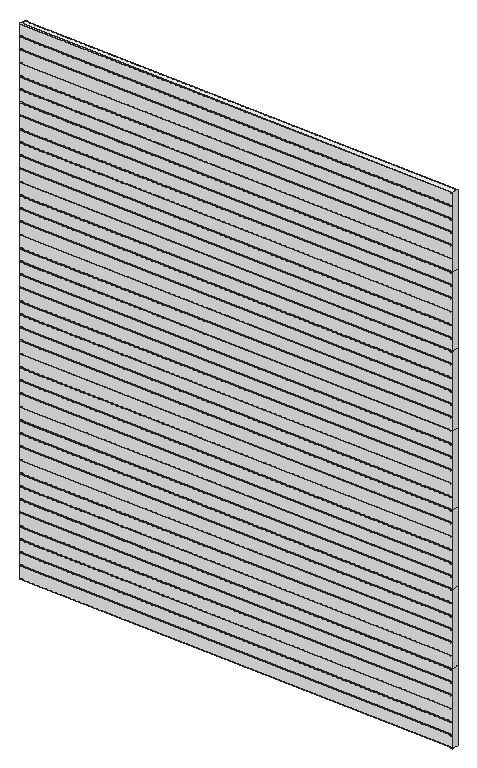
Revit family
Parameters (values of type "By Type")
  Windload = "Doors available rated for various design pressures; consult Clopay for avaialbility and specifications"
  VisSection6 = NumSections = 6  # no
  VisSection5 = NumSections > 4  # yes
  VisSection4 = NumSections > 3  # yes
  VisSection3 = NumSections > 2  # yes
  VisArray = NumSections > 6  # yes
  URL = "www.clopaydoor.com"
  Track = "Galvanized steel (gauge varies according to door size)"
  Thickness = 0' - 2"  # constant formula
  Spec Wizard = "http://www.arcat.com/specwizard/08360clo/index.htm"
  Section Height = Height / NumSections  # 2' - 0"
  Sales Information = "http://www.clopaydoor.com/where-to-buy.aspx?type=dealer"
  Rough Width = 0' - 0"  # constant formula
  Rough Height = 0' - 0"  # constant formula
  R-Value = "17.2"
  Product Features and Benefits = "http://www.clopaydoor.com/insulated-polyurethane-applications.aspx"
  Overlapping Jamb = yes
  Overlap = if(Overlapping Jamb, 0' 1", 0' 0")  # 0' - 1"
  Opening Width = 12' - 0"
  Opening Height = 14' - 0"
  Omniclass Table = "23-30 10 17 37 "
  NumSectionsNotRounded = Height / 2' 0"  # 7
  NumSections = NumSectionsNotRounded + 0.4999  # 7
  NumArraySections = if(NumSections > 6, NumSections - 5, 2)  # 2
  Model = "3724"
  Maximum Size = "Maximum 32' 2'' wide by 26' 0'' high. Additional limitations may apply do to door weight. Consult Clopay for specificiations and shop drawings."  # constant formula
  Manufacturer Website = "http://www.clopaydoor.com"
  Manufacturer Phone Number = "1-800-526-4301"
  Manufacturer Address = "1400 W. Market St., Troy, OH 45373"
  Manufacturer = "Clopay Building Products Company"
  LEED = "http://products.construction.com/swts_content_files/151607/303186.pdf"
  Keynote = "08 36 13"
  Interior Steel = "28 ga. galvanized, primed, and finish painted"
  Hardware = "14 ga. min. steel hinges; 10-ball steel rollers"
  GreenFormat = "http://www.greenformat.com/products/1536-Polyurethane%20Insulated%20Doors.rtf"
  Function = (empty or 0)
  Height = Opening Height + Rough Width * 0  # 14' - 0"
  Wall Closure = (empty or 0)
  Width = Opening Width + Rough Width * 0  # 12' - 0"
  FloorToSection7 = 6 * Section Height  # 12' - 0"
  FloorToSection6 = 5 * Section Height  # 10' - 0"
  FloorToSection5 = 4 * Section Height  # 8' - 0"
  FloorToSection4 = 3 * Section Height  # 6' - 0"
  FloorToSection3 = 2 * Section Height  # 4' - 0"
  FloorToSection2 = Section Height  # 2' - 0"
  File Revision = "00 (March, 2013)"
  Exterior Steel = "24 ga. galvanized, primed, and finish painted"
  Double End Stiles = Door Width > 14' 2"  # no
  Door Width = Opening Width + Overlap * 2  # 12' - 2"
  Door Height = Opening Height + Rough Width * 0  # 14' - 0"
  Description = "2'' thick polyurethane insulated, stucco embossed 24 gauge steel exterior with light ribbed pattern."
  Core Material = "Expanded polyurethane"
  Copyright = "2013, Clopay Building Products Company, Inc."
  Color = White
  CAD and Specifications = "http://www.clopaydoor.com/insulated-polyurethane-specs.aspx"
  Assembly Code = "B2030410"
Reference planes (in)
  plane 1 "Center (Front/Back)": y = 0
  plane 2 "Center (Left/Right)": x = 0
  plane 3 "Left": x = -72
  plane 4 "Right": x = 72
  plane 5 "Top": z = 168
  plane 6 "Exterior": y = 3
  plane 7 "Interior": y = -3
  plane 8: z = 120
  plane 9: z = 144
Lines and regions (in)
  Opening 1
    outline origin (-90, -3, 0) x (1, 0, 0) y (0, 0, 1)
      loop
        line (18, 0) -> (162, 0) -> (162, 168) -> (18, 168) -> (18, 0)
Text (in)
  text "Exterior" at (-74.96733, 27.31104, 0), in view "Ref. Level"
  text "Interior" at (-74.96733, -25.14366, 0), in view "Ref. Level"
  text "Exterior" at (0, 40.15149, 123.01588), in view "Right"
  text "Interior" at (0, -64.39139, 123.01588), in view "Right"
  text "Interior" at (0, -31.01599, 123.00693), in view "Left"
  text "Exterior" at (0, 54.57065, 123.00693), in view "Left"
Dimensions and locks (in)
  equal spacing: plane 3 "Left", plane 2 "Center (Left/Right)", plane 4 "Right"
  "Height": level to plane 5 "Top"
  "Width": plane 3 "Left" to plane 4 "Right"
  host wall to plane 5 "Top" = 14' - 0"
  nested 1 to plane 7 "Interior" = 0' - 0 1/2"
  "FloorToSection6": plane 8 to level
  "FloorToSection7": plane 9 to level
  group 1 to group 2 = 0' - 0"  (x2)
  group 1 to group 2 = 2' - 0"
  host wall to host wall = 67' - 6"
  aligned and locked: plane 3 "Left" to Opening 1 sketch curve
  aligned and locked: plane 5 "Top" to Opening 1 sketch curve  (x2)
  aligned and locked: Opening 1 sketch curve to plane 4 "Right"
  aligned and locked: Opening 1 sketch curve to level
  aligned and locked: plane 6 "Exterior" to host wall
  aligned and locked: host wall to plane 7 "Interior"
  aligned and locked: plane 2 "Center (Left/Right)" to nested 2
  aligned and locked: plane 2 "Center (Left/Right)" to nested 3
  aligned and locked: plane 2 "Center (Left/Right)" to nested 4
  aligned and locked: plane 2 "Center (Left/Right)" to nested 5
  aligned and locked: plane 2 "Center (Left/Right)" to nested 7
  aligned and locked: nested 7 to plane 8
  aligned and locked: nested 8 to plane 9
  aligned and locked: plane 7 "Interior" to nested 2
  aligned and locked: plane 7 "Interior" to nested 7
  aligned and locked: host wall to nested 8
  aligned and locked: plane 7 "Interior" to nested 3
  aligned and locked: host wall to nested 3
  aligned and locked: plane 7 "Interior" to nested 1
  aligned and locked: nested 2 to host wall
  aligned and locked: plane 7 "Interior" to nested 6
  aligned and locked: plane 7 "Interior" to nested 5
  aligned and locked: host wall to nested 7
  aligned and locked: plane 7 "Interior" to nested 4
Nested families (in)
  nested 1: "Section" at (0, 0, 0), type "Solid"
  nested 2: "Section" at (0, 0, 24), built-in parameter 1001364 <- "Section Height", type "Solid"
  nested 3: "Section" at (0, 0, 48), built-in parameter 1001364 <- "FloorToSection3", visible <- "VisSection3", type "Solid"
  nested 4: "Section" at (0, 0, 120), built-in parameter 1001364 <- "FloorToSection6", visible <- "VisSection6", type "Solid"
  nested 5: "Section" at (0, 0, 96), built-in parameter 1001364 <- "FloorToSection5", visible <- "VisSection5", type "Solid"
  nested 6: "Section" at (0, 0, 72), built-in parameter 1001364 <- "FloorToSection4", visible <- "VisSection4", type "Solid"
  nested 7: "Section" at (0, 0, 120), visible <- "VisArray", type "Solid"
  nested 8: "Section" at (0, 0, 144), visible <- "VisArray", type "Solid"
Definition of nested family "Section"
  Parameters (values of type "Solid")
    X9 = if(if(NumArrayedWindows < NumWindows, NumArrayedWindows + 1, NumWindows) < 9, X1, X8 + 3' 8")  # 1' - 5 1/2"
    X8 = if(if(NumArrayedWindows < NumWindows, NumArrayedWindows + 1, NumWindows) < 8, X1, X7 + 3' 8")  # 1' - 5 1/2"
    X7 = if(if(NumArrayedWindows < NumWindows, NumArrayedWindows + 1, NumWindows) < 7, X1, X6 + 3' 8")  # 1' - 5 1/2"
    X6 = if(if(NumArrayedWindows < NumWindows, NumArrayedWindows + 1, NumWindows) < 6, X1, X5 + 3' 8")  # 1' - 5 1/2"
    X5 = if(if(NumArrayedWindows < NumWindows, NumArrayedWindows + 1, NumWindows) < 5, X1, X4 + 3' 8")  # 1' - 5 1/2"
    X4 = if(if(NumArrayedWindows < NumWindows, NumArrayedWindows + 1, NumWindows) < 4, X1, X3 + 3' 8")  # 1' - 5 1/2"
    X3 = if(NumWindows < 3, X1, X2 + 3' 8")  # 8' - 9 1/2"
    X2 = if(NumWindows < 2, ((Door Width - (NumWindows - 1) * 3' 8") / 2 - Cutout Width / 2), ((Door Width - (NumWindows - 1) * 3' 8") / 2 - Cutout Width / 2) + 3' 8")  # 5' - 1 1/2"
    WindowVis = no
    WindowCutDepth = -0' - 0 13/128"
    Section Height = 2' - 0"
    RibSpacing = Section Height / (NumRibs + 1)  # 0' - 4"
    NumWindows = if(Door Width < 9' 4", 2, if(Door Width < 13' 4", 3, if(Door Width < 16' 4", 4, if(Door Width < 20' 4", 5, if(Door Width < 24' 4", 6, if(Door Width < 26' 4", 7, if(Door Width < 31' 8", 8, 10)))))))  # 3
    NumRibs = if(Section Height < 1' 9", 3, if(Section Height < 2' 0", 4, 5))  # 5
    NumArrayedWindows = if(X2 = X1, NumWindows - 2, NumWindows)  # 3
    Half Section Height = Section Height / 2  # 1' - 0"
    Half Door Width Neg = -Half Door Width  # -6' - 1"
    Half Door Width = Door Width / 2  # 6' - 1"
    Half Cutout Height = Cutout Height / 2  # 0' - 3 1/2"
    Function = (empty or 0)
    Height = 0' - 0"
    Wall Closure = (empty or 0)
    Width = 0' - 0"
    X1 = if(or(Door Width > 31' 6", and(Door Width > 26' 2", Door Width < 28' 1"), Door Width = 24' 3", Door Width = 24' 4", and(Door Width > 20' 2", Door Width < 20' 11"), and(Door Width > 16' 2", Door Width < 17' 3")), X2, (Door Width - (NumWindows - 1) * 3' 8") / 2 - Cutout Width / 2)  # 1' - 5 1/2"
    Door Width = 12' - 2"
    CutoutToCutout = 1' - 0"
    Cutout Width = 1' - 11"
    Cutout Height = 0' - 7"
    Color = White
    BtmTo1stRib = RibSpacing  # 0' - 4"
    Assembly Code = ""
  Reference planes (in)
    plane 1 "Center (Front/Back)": y = 0
    plane 2 "Center (Left/Right)": x = 0
    plane 3 "Exterior": y = 3
    plane 4 "Interior": y = -3
    plane 5: y = -3.5
    plane 6: x = 73
    plane 7: x = -73
    plane 8: z = 4
    plane 9: z = 8
    plane 10: z = 24
    plane 11: z = 12
    plane 12: z = 0
  Forms (in)
    Extrusion 1, solid, material "White" <- "Color"
      sketch origin (-73, -12, 83.08252) x (0, 0, 1) y (0, -1, 0)
        loop
          line (-59.08252, -8.37573) -> (-59.08252, -6.62444)
          arc (-59.08252, -6.62444) -> (-59.11897, -6.53645) -> (-59.20696, -6.5) r 0.12444
          line (-59.20696, -6.5) -> (-82.95809, -6.5)
          arc (-82.95809, -6.5) -> (-83.04608, -6.53645) -> (-83.08252, -6.62444) r 0.12444
          line (-83.08252, -6.62444) -> (-83.08252, -8.37573)
          arc (-83.08252, -8.37573) -> (-83.04612, -8.4636) -> (-82.95825, -8.5) r 0.12427
          line (-82.95825, -8.5) -> (-59.20679, -8.5)
          arc (-59.20679, -8.5) -> (-59.11892, -8.4636) -> (-59.08252, -8.37573) r 0.12427
      from 0 to 146 <- "Door Width"
    Extrusion 2, void
      sketch origin (0, 0, -0.5) x (0, -1, 0) y (0, 0, 1)
        loop
          line (3.5, 4.62727) -> (3.5, 4.37273) -> (3.53032, 4.41942)
          arc (3.53032, 4.41942) -> (3.53753, 4.43506) -> (3.54, 4.4521) r 0.06
          line (3.54, 4.4521) -> (3.54, 4.5479)
          arc (3.54, 4.5479) -> (3.53753, 4.56494) -> (3.53032, 4.58058) r 0.06
          line (3.53032, 4.58058) -> (3.5, 4.62727)
      from -73 <- "Half Door Width Neg" to 146 <- "Door Width"
    Extrusion 3, void
      sketch origin (0, 0, 3.5) x (0, -1, 0) y (0, 0, 1)
        loop
          line (3.5, 4.62727) -> (3.5, 4.37273) -> (3.53032, 4.41942)
          arc (3.53032, 4.41942) -> (3.53753, 4.43506) -> (3.54, 4.4521) r 0.06
          line (3.54, 4.4521) -> (3.54, 4.5479)
          arc (3.54, 4.5479) -> (3.53753, 4.56494) -> (3.53032, 4.58058) r 0.06
          line (3.53032, 4.58058) -> (3.5, 4.62727)
      from -73 <- "Half Door Width Neg" to 146 <- "Door Width"
    Extrusion 4, void
      sketch origin (0, 0, 7.5) x (0, -1, 0) y (0, 0, 1)
        loop
          line (3.5, 4.62727) -> (3.5, 4.37273) -> (3.53032, 4.41942)
          arc (3.53032, 4.41942) -> (3.53753, 4.43506) -> (3.54, 4.4521) r 0.06
          line (3.54, 4.4521) -> (3.54, 4.5479)
          arc (3.54, 4.5479) -> (3.53753, 4.56494) -> (3.53032, 4.58058) r 0.06
          line (3.53032, 4.58058) -> (3.5, 4.62727)
      from -73 <- "Half Door Width Neg" to 146 <- "Door Width"
    Extrusion 5, void
      sketch origin (0, -8.99984, -0.5) x (0, 1, 0) y (0, 0, -1)
        loop
          line (3.5, -4.62727) -> (3.53032, -4.58058)
          arc (3.53032, -4.58058) -> (3.53753, -4.56494) -> (3.54, -4.5479) r 0.06
          line (3.54, -4.5479) -> (3.54, -4.4521)
          arc (3.54, -4.4521) -> (3.53753, -4.43506) -> (3.53032, -4.41942) r 0.06
          line (3.53032, -4.41942) -> (3.5, -4.37273) -> (3.5, -4.62727)
      from -73 <- "Half Door Width Neg" to 146 <- "Door Width"
    Extrusion 6, void
      sketch origin (0, -8.99984, 3.5) x (0, 1, 0) y (0, 0, -1)
        loop
          line (3.5, -4.62727) -> (3.53032, -4.58058)
          arc (3.53032, -4.58058) -> (3.53753, -4.56494) -> (3.54, -4.5479) r 0.06
          line (3.54, -4.5479) -> (3.54, -4.4521)
          arc (3.54, -4.4521) -> (3.53753, -4.43506) -> (3.53032, -4.41942) r 0.06
          line (3.53032, -4.41942) -> (3.5, -4.37273) -> (3.5, -4.62727)
      from -73 <- "Half Door Width Neg" to 146 <- "Door Width"
    Extrusion 7, void
      sketch origin (0, -8.99984, 7.5) x (0, 1, 0) y (0, 0, -1)
        loop
          line (3.5, -4.62727) -> (3.53032, -4.58058)
          arc (3.53032, -4.58058) -> (3.53753, -4.56494) -> (3.54, -4.5479) r 0.06
          line (3.54, -4.5479) -> (3.54, -4.4521)
          arc (3.54, -4.4521) -> (3.53753, -4.43506) -> (3.53032, -4.41942) r 0.06
          line (3.53032, -4.41942) -> (3.5, -4.37273) -> (3.5, -4.62727)
      from -73 <- "Half Door Width Neg" to 146 <- "Door Width"
    Extrusion 8, void
      sketch origin (0, 0, 11.5) x (0, -1, 0) y (0, 0, 1)
        loop
          line (3.5, 4.62727) -> (3.5, 4.37273) -> (3.53032, 4.41942)
          arc (3.53032, 4.41942) -> (3.53753, 4.43506) -> (3.54, 4.4521) r 0.06
          line (3.54, 4.4521) -> (3.54, 4.5479)
          arc (3.54, 4.5479) -> (3.53753, 4.56494) -> (3.53032, 4.58058) r 0.06
          line (3.53032, 4.58058) -> (3.5, 4.62727)
      from -73 <- "Half Door Width Neg" to 146 <- "Door Width"
    Extrusion 9, void
      sketch origin (0, -8.99984, 11.5) x (0, 1, 0) y (0, 0, -1)
        loop
          line (3.5, -4.62727) -> (3.53032, -4.58058)
          arc (3.53032, -4.58058) -> (3.53753, -4.56494) -> (3.54, -4.5479) r 0.06
          line (3.54, -4.5479) -> (3.54, -4.4521)
          arc (3.54, -4.4521) -> (3.53753, -4.43506) -> (3.53032, -4.41942) r 0.06
          line (3.53032, -4.41942) -> (3.5, -4.37273) -> (3.5, -4.62727)
      from -73 <- "Half Door Width Neg" to 146 <- "Door Width"
    Extrusion 10, void
      sketch origin (0, 0, 15.5) x (0, -1, 0) y (0, 0, 1)
        loop
          line (3.5, 4.62727) -> (3.5, 4.37273) -> (3.53032, 4.41942)
          arc (3.53032, 4.41942) -> (3.53753, 4.43506) -> (3.54, 4.4521) r 0.06
          line (3.54, 4.4521) -> (3.54, 4.5479)
          arc (3.54, 4.5479) -> (3.53753, 4.56494) -> (3.53032, 4.58058) r 0.06
          line (3.53032, 4.58058) -> (3.5, 4.62727)
      from -73 <- "Half Door Width Neg" to 146 <- "Door Width"
    Extrusion 11, void
      sketch origin (0, -8.99984, 15.5) x (0, 1, 0) y (0, 0, -1)
        loop
          line (3.5, -4.62727) -> (3.53032, -4.58058)
          arc (3.53032, -4.58058) -> (3.53753, -4.56494) -> (3.54, -4.5479) r 0.06
          line (3.54, -4.5479) -> (3.54, -4.4521)
          arc (3.54, -4.4521) -> (3.53753, -4.43506) -> (3.53032, -4.41942) r 0.06
          line (3.53032, -4.41942) -> (3.5, -4.37273) -> (3.5, -4.62727)
      from -73 <- "Half Door Width Neg" to 146 <- "Door Width"
  Cuts and joins
    Extrusion 2, Extrusion 3, Extrusion 4, Extrusion 5, Extrusion 6, Extrusion 7, Extrusion 8, Extrusion 9, Extrusion 10, Extrusion 11 cuts Extrusion 1
  Lines and regions (in)
    reference lines
      curve 1: line (-72, -3.54, 4) -> (-72, -3.5, 4)
      curve 2: line (-72, -5.45984, 4) -> (-72, -5.49984, 4)
      curve 3: line (-72, -3.54, 8) -> (-72, -3.5, 8)
      curve 4: line (-72, -3.54, 12) -> (-72, -3.5, 12)
      curve 5: line (-72, -5.45984, 4) -> (-72, -5.49984, 4)
      curve 6: line (-72, -5.45984, 8) -> (-72, -5.49984, 8)
      curve 7: line (-72, -5.45984, 12) -> (-72, -5.49984, 12)
      curve 8: line (-72, -3.54, 16) -> (-72, -3.5, 16)
      curve 9: line (-72, -5.45984, 16) -> (-72, -5.49984, 16)
      curve 10: line (-72, -3.54, 20) -> (-72, -3.5, 20)
      curve 11: line (-72, -5.45984, 20) -> (-72, -5.49984, 20)
  Text (in)
    text "Exterior" at (-74.96733, 27.31104, 0), in view "Ref. Level"
    text "Interior" at (-74.96733, -25.14366, 0), in view "Ref. Level"
    text "Exterior" at (0, 40.15149, 123.01588), in view "Right"
    text "Interior" at (0, -64.39139, 123.01588), in view "Right"
    text "Interior" at (0, -31.01599, 123.00693), in view "Left"
    text "Exterior" at (0, 54.57065, 123.00693), in view "Left"
  Dimensions and locks (in)
    plane 4 "Interior" to plane 5 = 0' - 0 1/2"
    "Half Door Width": plane 2 "Center (Left/Right)" to plane 7
    "Half Door Width": plane 6 to plane 2 "Center (Left/Right)"
    Extrusion 1 sketch curve to Extrusion 1 sketch curve = 0' - 2"
    Extrusion 2 sketch curve to Extrusion 2 sketch curve = 0' - 0.25454"
    Extrusion 2 sketch curve to Extrusion 2 sketch curve = 0' - 0.04"  (x2)
    "BtmTo1stRib": plane 8 to level
    curve 1 to Extrusion 2 sketch curve = 0' - 0.12727"
    "RibSpacing": plane 9 to plane 8
    "Section Height": plane 10 to level
    Extrusion 3 sketch curve to Extrusion 3 sketch curve = 0' - 0.25454"
    Extrusion 3 sketch curve to Extrusion 3 sketch curve = 0' - 0.04"  (x2)
    curve 3 to Extrusion 3 sketch curve = 0' - 0.12727"
    equal spacing: group 1, group 2, group 3, group 4, group 5  (x3)
    Extrusion 4 sketch curve to Extrusion 4 sketch curve = 0' - 0.25454"
    Extrusion 4 sketch curve to Extrusion 4 sketch curve = 0' - 0.04"  (x2)
    curve 4 to Extrusion 4 sketch curve = 0' - 0.12727"
    Extrusion 5 sketch curve to Extrusion 5 sketch curve = 0' - 0.25454"
    Extrusion 5 sketch curve to Extrusion 5 sketch curve = 0' - 0.04"  (x2)
    Extrusion 5 sketch curve to curve 5 = 0' - 0.12727"
    Extrusion 6 sketch curve to Extrusion 6 sketch curve = 0' - 0.25454"
    Extrusion 6 sketch curve to Extrusion 6 sketch curve = 0' - 0.04"  (x2)
    Extrusion 6 sketch curve to curve 6 = 0' - 0.12727"
    Extrusion 7 sketch curve to Extrusion 7 sketch curve = 0' - 0.25454"
    Extrusion 7 sketch curve to Extrusion 7 sketch curve = 0' - 0.04"  (x2)
    Extrusion 7 sketch curve to curve 7 = 0' - 0.12727"
    "Half Section Height": level to plane 11
    Extrusion 8 sketch curve to Extrusion 8 sketch curve = 0' - 0.25454"
    Extrusion 8 sketch curve to Extrusion 8 sketch curve = 0' - 0.04"  (x2)
    curve 8 to Extrusion 8 sketch curve = 0' - 0.12727"
    Extrusion 9 sketch curve to Extrusion 9 sketch curve = 0' - 0.25454"
    Extrusion 9 sketch curve to Extrusion 9 sketch curve = 0' - 0.04"  (x2)
    Extrusion 9 sketch curve to curve 9 = 0' - 0.12727"
    Extrusion 10 sketch curve to Extrusion 10 sketch curve = 0' - 0.25454"
    Extrusion 10 sketch curve to Extrusion 10 sketch curve = 0' - 0.04"  (x2)
    curve 10 to Extrusion 10 sketch curve = 0' - 0.12727"
    Extrusion 11 sketch curve to Extrusion 11 sketch curve = 0' - 0.25454"
    Extrusion 11 sketch curve to Extrusion 11 sketch curve = 0' - 0.04"  (x2)
    Extrusion 11 sketch curve to curve 11 = 0' - 0.12727"
    locked: plane 4 "Interior" to cut or joined group 1 (Extrusion 1, Extrusion 2, Extrusion 3, Extrusion 4, Extrusion 5, Extrusion 6, Extrusion 7, Extrusion 8, Extrusion 9, Extrusion 10, Extrusion 11) at 0.5
    radius of Extrusion 1 sketch curve = 0' - 0.12427"  (x2)
    radius of Extrusion 1 sketch curve = 0' - 0.12444"  (x2)
    angle Extrusion 2 sketch curve to Extrusion 2 sketch curve = 147.00°  (x2)
    angle Extrusion 3 sketch curve to Extrusion 3 sketch curve = 147.00°  (x2)
    angle Extrusion 4 sketch curve to Extrusion 4 sketch curve = 147.00°  (x2)
    angle Extrusion 5 sketch curve to Extrusion 5 sketch curve = 147.00°  (x2)
    angle Extrusion 6 sketch curve to Extrusion 6 sketch curve = 147.00°  (x2)
    angle Extrusion 7 sketch curve to Extrusion 7 sketch curve = 147.00°  (x2)
    angle Extrusion 8 sketch curve to Extrusion 8 sketch curve = 147.00°  (x2)
    angle Extrusion 9 sketch curve to Extrusion 9 sketch curve = 147.00°  (x2)
    angle Extrusion 10 sketch curve to Extrusion 10 sketch curve = 147.00°  (x2)
    angle Extrusion 11 sketch curve to Extrusion 11 sketch curve = 147.00°  (x2)
    aligned and locked: Extrusion 1 sketch curve to plane 5
    aligned and locked: plane 8 to curve 1
    aligned and locked: plane 9 to curve 3
    aligned: cut or joined group 1 to cut or joined group 1  (x9)
    aligned and locked: plane 12 to level
  Automatic sketch dimensions
    curve 2 to curve 1 = 0' - 1.91984"
    curve 1 to curve 1 = 0' - 0.04"  (x2)
    curve 1 to curve 2 = 0' - 1.91984"
    curve 2 to curve 2 = 0' - 0.04"  (x2)
    Extrusion 2 sketch curve to Extrusion 2 sketch curve = 0' - 0"
    Extrusion 2 sketch curve to Extrusion 2 sketch curve = 0' - 0.02"
    Extrusion 2 sketch curve to Extrusion 2 sketch curve = 0' - 0.00968"  (x2)
    curve 5 to curve 1 = 0' - 0"
    curve 1 to curve 5 = 0' - 1.91984"
    curve 5 to curve 5 = 0' - 0.04"
    Extrusion 5 sketch curve to Extrusion 5 sketch curve = 0' - 0"
    Extrusion 5 sketch curve to Extrusion 5 sketch curve = 0' - 0.02"
    Extrusion 5 sketch curve to Extrusion 5 sketch curve = 0' - 0.00968"  (x2)
    Extrusion 3 sketch curve to Extrusion 3 sketch curve = 0' - 0"
    Extrusion 3 sketch curve to Extrusion 3 sketch curve = 0' - 0.02"
    Extrusion 3 sketch curve to Extrusion 3 sketch curve = 0' - 0.00968"  (x2)
    curve 6 to curve 3 = 0' - 0"
    curve 3 to curve 3 = 0' - 0.04"
    curve 3 to curve 6 = 0' - 1.91984"
    curve 6 to curve 6 = 0' - 0.04"
    Extrusion 4 sketch curve to Extrusion 4 sketch curve = 0' - 0"
    Extrusion 4 sketch curve to Extrusion 4 sketch curve = 0' - 0.02"
    Extrusion 4 sketch curve to Extrusion 4 sketch curve = 0' - 0.00968"  (x2)
    curve 7 to curve 4 = 0' - 0"
    curve 4 to curve 4 = 0' - 0.04"
    curve 4 to curve 7 = 0' - 1.91984"
    curve 7 to curve 7 = 0' - 0.04"
    Extrusion 7 sketch curve to Extrusion 7 sketch curve = 0' - 0.00968"
    Extrusion 6 sketch curve to Extrusion 6 sketch curve = 0' - 0.00968"
    curve 2 to plane 8 = 0' - 0"
    curve 2 to plane 5 = 0' - 1.95984"
    Extrusion 1 sketch curve to plane 10 = 0' - 0"
    Extrusion 1 sketch curve to level = 0' - 0"
    Extrusion 8 sketch curve to Extrusion 8 sketch curve = 0' - 0"
    Extrusion 8 sketch curve to Extrusion 8 sketch curve = 0' - 0.02"
    Extrusion 8 sketch curve to Extrusion 8 sketch curve = 0' - 0.00968"  (x2)
    curve 9 to curve 8 = 0' - 0"
    curve 8 to curve 8 = 0' - 0.04"
    curve 8 to curve 9 = 0' - 1.91984"
    curve 9 to curve 9 = 0' - 0.04"
    Extrusion 9 sketch curve to Extrusion 9 sketch curve = 0' - 0"
    Extrusion 9 sketch curve to Extrusion 9 sketch curve = 0' - 0.02"
    Extrusion 9 sketch curve to Extrusion 9 sketch curve = 0' - 0.00968"  (x2)
    Extrusion 10 sketch curve to Extrusion 10 sketch curve = 0' - 0"
    Extrusion 10 sketch curve to Extrusion 10 sketch curve = 0' - 0.02"
    Extrusion 10 sketch curve to Extrusion 10 sketch curve = 0' - 0.00968"  (x2)
    curve 11 to curve 10 = 0' - 0"
    curve 10 to curve 10 = 0' - 0.04"
    curve 10 to curve 11 = 0' - 1.91984"
    curve 11 to curve 11 = 0' - 0.04"
    Extrusion 11 sketch curve to Extrusion 11 sketch curve = 0' - 0"
    Extrusion 11 sketch curve to Extrusion 11 sketch curve = 0' - 0.02"
    Extrusion 11 sketch curve to Extrusion 11 sketch curve = 0' - 0.00968"  (x2)
